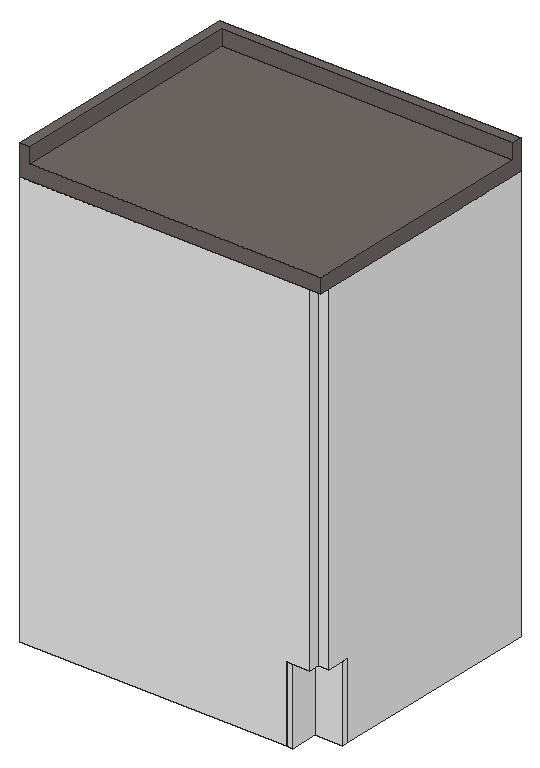
Revit family
Parameters (values of type "MAKE-UP 4000 BASE 02 (1000*600*850)")
  Assembly Code = ""
  Manufacturer = "HANSSEM"
  Model = "MAKE-UP 4000 BASE"
  Width = 600 mm
  upper face material = MARBL25
  side material = white shine
  support material = white shine
  knob material = Chrome, 2
  Height = 862 mm
  drawer material = white shine
  Depth = 500 mm
Reference planes
  plane 1 "중심(앞/뒤)": y = 0
  plane 2: z = 0
  plane 3 "상판 돌출 위": y = 300
  plane 4: y = -200
  plane 5: x = 500
  plane 6 "상판 돌출 기준": z = 862
  plane 7: x = 460
  plane 8: y = 295
  plane 9: y = 275
  plane 10: y = -278
  plane 11 "상판 하단": z = 832
  plane 12: z = 150
  plane 13: z = 830
  plane 14: z = 815
  plane 15: z = 800
  plane 16: y = -245
  plane 17: y = -233
  plane 18: z = 892
  plane 19 "상판 돌출 아래": y = 280
  plane 20 "sink bottom": z = 578
  plane 21: through (500, -300, 4000) normal (-0.7071, -0.7071, 0)
  plane 22: x = -80
  plane 23: x = -100
Forms (mm)
  Extrusion 1, solid, material "white shine" <- "side material"
    sketch origin (0, 0, 0) x (1, 0, 0) y (0, 1, 0)
      loop
        line (-95, 295) -> (-95, 275) -> (460, 275) -> (460, 295) -> (-95, 295)
    from 0 to 832
  Extrusion 2, solid, material "white shine" <- "side material"
    sketch origin (0, 0, 0) x (0, 1, 0) y (0, 0, 1)
      loop
        line (300, 832) -> (-178, 832) -> (-178, 150) -> (-133, 150) -> (-133, 0) -> (300, 0) -> (300, 832)
    from 460 to 500
  Extrusion 3, solid, material "white shine" <- "support material"
    sketch origin (0, 100, 0) x (1, 0, 0) y (0, 1, 0)
      loop
        line (445, -233) -> (445, -245) -> (500, -245) -> (500, -233) -> (445, -233)
    from 0 to 150
  Extrusion 4, solid, material "MARBL25"
    sketch origin (0, 0, 832) x (1, 0, 0) y (0, 1, 0)
      loop
        line (500, -200) -> (500, 300) -> (-100, 300) -> (-100, -200) -> (500, -200)
    from 0 to 30
  Extrusion 5, solid, material "MARBL25"
    sketch origin (0, 0, 862) x (1, 0, 0) y (0, 1, 0)
      loop
        line (-80, -200) -> (-80, 280) -> (500, 280) -> (500, 300) -> (-100, 300) -> (-100, -200) -> (-80, -200)
    from 0 to 30
  Extrusion 6, solid, material "white shine" <- "side material"
    sketch origin (200, 300, 0) x (-1, 0, 0) y (0, 0, -1)
      loop
        line (300, -832) -> (300, 0) -> (-233, 0) -> (-233, -150) -> (-278, -150) -> (-278, -832) -> (300, -832)
    from 460 to 500
  Extrusion 7, solid, material "white shine" <- "support material"
    sketch origin (200, 245, 0) x (-1, 0, 0) y (0, 1, 0)
      loop
        line (-233, -445) -> (-233, -390) -> (-245, -390) -> (-245, -445) -> (-233, -445)
    from 0 to 150
  Extrusion 8, solid, material "white shine" <- "side material"
    sketch origin (200, 200, 0) x (-1, 0, 0) y (0, 1, 0)
      loop
        line (295, 75) -> (275, 75) -> (275, -360) -> (295, -360) -> (295, 75)
    from 0 to 832
Cuts and joins
  joined: Extrusion 4, Extrusion 5
Dimensions and locks
  plane 1 "중심(앞/뒤)" to plane 3 "상판 돌출 위" = 300 mm
  "Depth": plane 4 to plane 3 "상판 돌출 위"
  "Height": plane 6 "상판 돌출 기준" to level
  plane 7 to plane 5 = 40 mm
  plane 9 to plane 19 "상판 돌출 아래" to plane 8 to plane 3 "상판 돌출 위" = 5 mm, 15 mm, 5 mm
  plane 18 to plane 6 "상판 돌출 기준" to plane 11 "상판 하단" to plane 13 to plane 14 to plane 15 to plane 12 = 30 mm, 30 mm, 2 mm, 15 mm, 15 mm, 650 mm
  "Width": plane 23 to plane 5
  locked: plane 23 to plane 22 at 20
  aligned and locked: plane 8 to Extrusion 1 sketch curve
  aligned and locked: plane 9 to Extrusion 1 sketch curve
  aligned and locked: plane 7 to Extrusion 1 sketch curve
  aligned and locked: Extrusion 1 to plane 11 "상판 하단"
  aligned and locked: Extrusion 2 to plane 5
  aligned and locked: plane 7 to Extrusion 2
  aligned and locked: plane 5 to Extrusion 3 sketch curve
  aligned and locked: Extrusion 3 to plane 12
  aligned and locked: Extrusion 3 to plane 5
  aligned and locked: plane 8 to Extrusion 1
  aligned and locked: plane 9 to Extrusion 1
  aligned and locked: Extrusion 2 to plane 7
  aligned and locked: plane 3 "상판 돌출 위" to Extrusion 2
  aligned and locked: Extrusion 1 to Extrusion 8
  aligned and locked: Extrusion 7 to plane 12
  aligned: Extrusion 8 to cut or joined group of Extrusion 4, Extrusion 5
Automatic sketch dimensions
  Extrusion 3 sketch curve to plane 21 = 70.711 mm
  Extrusion 4 sketch curve to plane 4 = 0 mm
  Extrusion 4 sketch curve to plane 3 "상판 돌출 위" = 0 mm
  plane 21 to Extrusion 4 sketch curve = 0 mm
  Extrusion 4 sketch curve to plane 5 = 0 mm
  plane 21 to Extrusion 1 sketch curve = 0 mm
  Extrusion 3 sketch curve to plane 17 = 100 mm
  Extrusion 5 sketch curve to plane 4 = 0 mm
  Extrusion 5 sketch curve to plane 23 = 0 mm
  Extrusion 5 sketch curve to plane 3 "상판 돌출 위" = 0 mm
  Extrusion 5 sketch curve to plane 22 = 0 mm
  Extrusion 5 sketch curve to plane 5 = 0 mm
  Extrusion 5 sketch curve to plane 19 "상판 돌출 아래" = 0 mm
  Extrusion 6 sketch curve to plane 11 "상판 하단" = 0 mm
  Extrusion 6 sketch curve to plane 12 = 0 mm
  Extrusion 6 sketch curve to level = 0 mm
  Extrusion 6 sketch curve to plane 23 = 0 mm
  plane 7 to Extrusion 6 sketch curve = 27 mm
  Extrusion 6 sketch curve to plane 7 = 18 mm
  Extrusion 7 sketch curve to plane 4 = 55 mm
  plane 7 to Extrusion 7 sketch curve = 15 mm
  Extrusion 7 sketch curve to Extrusion 7 sketch curve = 12 mm
  Extrusion 7 sketch curve to plane 21 = 23.335 mm
  plane 3 "상판 돌출 위" to Extrusion 8 sketch curve = 25 mm
  plane 22 to Extrusion 8 sketch curve = 5 mm
  plane 21 to Extrusion 8 sketch curve = 14.142 mm
  Extrusion 8 sketch curve to plane 16 = 85 mm
  plane 7 to Extrusion 3 sketch curve = 15 mm
  Extrusion 2 sketch curve to plane 11 "상판 하단" = 0 mm
  Extrusion 2 sketch curve to plane 12 = 0 mm
  Extrusion 2 sketch curve to level = 0 mm
  Extrusion 2 sketch curve to plane 3 "상판 돌출 위" = 0 mm
  Extrusion 2 sketch curve to plane 4 = 67 mm
  Extrusion 2 sketch curve to plane 4 = 22 mm
